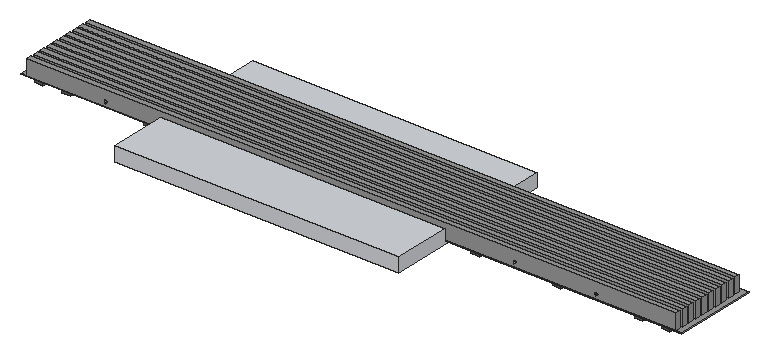
Revit family "1413-10, Solid", category Generic Models, host Face, Revit 2020
Family settings
  Host = Face
  Can host rebar = No
  Round Connector Dimension = Use Diameter
  Part Type = Normal
  Cut with Voids When Loaded = No
  Shared = No
  Room Calculation Point = No
Parameters
  min_value [instance] = 2' - 4"  # constant formula
  max_value [instance] = 11' - 11 1/4"  # constant formula
  actual_value [instance] = if(NET LENGTH < min_value, min_value, if(NET LENGTH > max_value, max_value, NET LENGTH))  # 7' - 11 1/4"
  SCRIM MATERIAL [instance] = SCRIM
  SCRIM APPEARANCE [instance] = yes
  NET LENGTH [instance] = 7' - 11 1/4"
  IMPORTANT NOTE!!!                                                                             *Backer & dowel layout is for visualization purposes only, final layout to be determined by 9Wood. [instance] = ""
  Default Elevation = 4' - 0"
  DOWEL RADIUS [instance] = 0' - 0 1/4"  # constant formula
  BACKER & DOWEL MATERIAL [instance] = BLACK-BACKERS
  .. MEMBER WIDTH [instance] = 0' - 0 3/4"  # constant formula
  .. MEMBER MATERIAL [instance] = Solid Western Hemlock
  .. MEMBER DEPTH [instance] = 0' - 2 1/4"  # constant formula
  .. MEMBER COUNT [instance] = 10  # constant formula
Reference planes (in)
  plane 1 "Center (Front/Back)": y = 0
  plane 2: z = 0
  plane 3 "Center (Left/Right)": x = 0
Forms (in)
  Extrusion 1, solid
    sketch origin (0, 0, 0) x (1, 0, 0) y (0, 1, 0)
      loop
        line (-24.24823, 14.63962) -> (-24.24823, -10.69266) -> (17.36192, -10.69266) -> (17.36192, 14.63962) -> (-24.24823, 14.63962)
    from 0 to 2.0625
Dimensions and locks (in)
  aligned and locked: plane 2 to Extrusion 1
Nested families (in)
  nested 1: "1400 series" at (-44.01308, -2.1224, 0.00189), NET LENGTH <- "actual_value", .. MEMBER DEPTH <- ".. MEMBER DEPTH", .. MEMBER WIDTH <- ".. MEMBER WIDTH", DOWEL RADIUS <- "DOWEL RADIUS", BACKER & DOWEL MATERIAL <- "BACKER & DOWEL MATERIAL", .. MEMBER MATERIAL <- ".. MEMBER MATERIAL", SCRIM MATERIAL <- "SCRIM MATERIAL", MEMBER COUNT <- ".. MEMBER COUNT", SCRIM APPEARANCE <- "SCRIM APPEARANCE", type "1400 series"
    with X 7' - 8", SCRIM MATERIAL SCRIM, SCRIM LENGTH 8' - 1", SCRIM APPEARANCE yes, SCRIM 2 0' - 0 7/8", SCRIM 1 0' - 0 3/32", OC TYP 1' - 0", NET LENGTH 7' - 11 1/4", N 8, MEMBER COUNT 10, INSET 2 0' - 0 3/16", INSET 0' - 1", HALF MEMBER WIDTH 0' - 0 3/8", END BACKER yes, DOWEL RADIUS 0' - 0 1/4", DOWEL INDEX 0' - 11 5/8", DOWEL COUNT 7, BACKING M COUNT 8, BACKER WIDTH 0' - 1 1/4", BACKER INDEX 0' - 5 5/8", BACKER DEPTH 0' - 0 1/2", BACKER & DOWEL MATERIAL BLACK-BACKERS, BACKER &  DOWEL LENGTH 0' - 11 7/8", .. MEMBER WIDTH 0' - 0 3/4", .. MEMBER OC TYP 0' - 1.2", .. MEMBER MATERIAL Solid Western Hemlock, .. MEMBER DEPTH 0' - 2 1/4"
Definition of nested family "1400 series"
  Parameters (values of type "1400 series")
    X [instance] = NET LENGTH - 0' 3 1/4"  # 7' - 2"
    SCRIM MATERIAL [instance] = none
    SCRIM APPEARANCE [instance] = yes
    SCRIM 2 [instance] = 0' - 0 7/8"  # constant formula
    SCRIM 1 [instance] = 0' - 0 3/32"  # constant formula
    OC TYP [instance] = 1' - 0"  # constant formula
    N [instance] = if((X - (rounddown(X / 1' 0") * 1' 0")) > 1' 0", rounddown(X / 1' 0") + 2, rounddown(X / 1' 0") + 1)  # 8
    MEMBER COUNT [instance] = 2
    INSET 5 = 0' - 0 11/16"  # constant formula
    INSET 2 [instance] = 0' - 0 3/16"  # constant formula
    INSET [instance] = 0' - 1"  # constant formula
    END BACKER [instance] = BACKER INDEX > 0' 3 5/8"  # no
    HALF MEMBER WIDTH [instance] = .. MEMBER WIDTH / 2  # 0' - 1 1/8"
    Default Elevation = 0' - 0"
    DOWEL RADIUS [instance] = 0' - 0 1/4"
    DOWEL INDEX [instance] = BACKER INDEX + 0' 6"  # 0' - 8 5/8"
    DOWEL COUNT [instance] = N - 1  # 7
    BACKER WIDTH [instance] = 0' - 1 1/4"  # constant formula
    BACKER INDEX [instance] = (NET LENGTH - ((N - 1) * 1' 0")) / 2  # 0' - 2 5/8"
    BACKER DEPTH [instance] = 0' - 0 1/2"  # constant formula
    BACKING M COUNT [instance] = N  # 8
    BACKER & DOWEL MATERIAL [instance] = none
    BACKER &  DOWEL LENGTH [instance] = 0' - 11 7/8"  # constant formula
    SCRIM LENGTH [instance] = NET LENGTH + (SCRIM 2 * 2)  # 7' - 7"
    .. MEMBER WIDTH [instance] = 0' - 2 1/4"
    .. MEMBER OC TYP [instance] = 1' 0" / MEMBER COUNT  # 0' - 6"
    .. MEMBER MATERIAL [instance] = none
    NET LENGTH [instance] = 7' - 5 1/4"
    .. MEMBER DEPTH [instance] = 0' - 4"
  Reference planes (in)
    plane 1 "Center (Front/Back)": y = 0
    plane 2: z = 0
    plane 3 "Center (Left/Right)": x = 0
    plane 4: x = 89.25
    plane 5: x = 1
    plane 6: x = 88.25
    plane 7: x = 2.625
    plane 8: x = 8.625
    plane 9: x = 14.625
    plane 10: x = 20.625
    plane 11: y = 0.1875
    plane 12: y = 1.125
    plane 13: y = 7.125
    plane 14: y = 12.0625
    plane 15: x = 90.125
    plane 16: x = -0.875
    plane 17: y = 12.15625
    plane 18: y = -0.09375
    plane 19: z = 2.7097
    plane 20: z = 0.49811
    plane 21: z = 0.56061
    plane 22: z = 1.24811
  Lines and regions (in)
    model lines, not visible
      curve 1: line (8.625, 0, 0.99811) -> (8.625, 0, 1.49811)
      curve 2: line (8.625, 0, 1.49811) -> (8.375, 0, 1.24811)
      curve 3: line (8.375, 0, 1.24811) -> (8.875, 0, 1.24811)
      curve 4: line (20.625, 0, 0.99811) -> (20.625, 0, 1.49811)
      curve 5: line (20.625, 0, 1.49811) -> (20.375, 0, 1.24811)
      curve 6: line (20.375, 0, 1.24811) -> (20.875, 0, 1.24811)
      curve 7: line (32.625, 0, 0.99811) -> (32.625, 0, 1.49811)
      curve 8: line (32.625, 0, 1.49811) -> (32.375, 0, 1.24811)
      curve 9: line (32.375, 0, 1.24811) -> (32.875, 0, 1.24811)
      curve 10: line (44.625, 0, 0.99811) -> (44.625, 0, 1.49811)
      curve 11: line (44.625, 0, 1.49811) -> (44.375, 0, 1.24811)
      curve 12: line (44.375, 0, 1.24811) -> (44.875, 0, 1.24811)
      curve 13: line (56.625, 0, 0.99811) -> (56.625, 0, 1.49811)
      curve 14: line (56.625, 0, 1.49811) -> (56.375, 0, 1.24811)
      curve 15: line (56.375, 0, 1.24811) -> (56.875, 0, 1.24811)
      curve 16: line (68.625, 0, 0.99811) -> (68.625, 0, 1.49811)
      curve 17: line (68.625, 0, 1.49811) -> (68.375, 0, 1.24811)
      curve 18: line (68.375, 0, 1.24811) -> (68.875, 0, 1.24811)
      curve 19: line (80.625, 0, 0.99811) -> (80.625, 0, 1.49811)
      curve 20: line (80.625, 0, 1.49811) -> (80.375, 0, 1.24811)
      curve 21: line (80.375, 0, 1.24811) -> (80.875, 0, 1.24811)
  Dimensions and locks (in)
    "INSET": plane 3 "Center (Left/Right)" to plane 5
    "NET LENGTH": plane 3 "Center (Left/Right)" to plane 4
    "INSET": plane 6 to plane 4
    "BACKER INDEX": plane 3 "Center (Left/Right)" to plane 7
    "DOWEL INDEX": plane 3 "Center (Left/Right)" to plane 8
    "OC TYP": plane 7 to plane 9
    "OC TYP": plane 8 to plane 10
    "INSET 2": plane 1 "Center (Front/Back)" to plane 11
    equal spacing: group 1, group 2, group 5, group 6, group 7, group 13, group 14, group 16  (x3)
    equal spacing: group 3, group 4, group 8, group 9, group 10, group 15, group 17  (x3)
    group 11 to group 12 = 0' - 0"  (x2)
    group 11 to group 12 = 0' - 6"
    ".. MEMBER OC TYP": plane 13 to plane 12
    "HALF MEMBER WIDTH": plane 1 "Center (Front/Back)" to plane 12
    "SCRIM 2": plane 16 to plane 3 "Center (Left/Right)"
    "SCRIM 2": plane 4 to plane 15
    "SCRIM 1": plane 18 to plane 1 "Center (Front/Back)"
    "SCRIM 1": plane 17 to plane 14
    "INSET 5": plane 22 to plane 21
    aligned and locked: level to plane 2
    aligned and locked: plane 7 to nested 2
    aligned and locked: plane 5 to nested 1
    aligned and locked: plane 9 to nested 3
    aligned and locked: nested 1 to plane 5
    aligned and locked: nested 2 to plane 11
    aligned and locked: nested 1 to plane 11
    aligned and locked: nested 3 to plane 11
    aligned and locked: nested 4 to plane 11  (x2)
    aligned and locked: plane 10 to nested 5
    aligned and locked: plane 6 to nested 12
    aligned and locked: nested 5 to plane 11
    aligned and locked: plane 11 to nested 12
    aligned and locked: plane 12 to nested 13
    aligned and locked: nested 14 to plane 13
    aligned and locked: plane 14 to nested 8
    aligned and locked: plane 16 to nested 15
    aligned and locked: nested 15 to plane 18
    aligned and locked: nested 15 to plane 17
    aligned and locked: nested 15 to plane 16  (x2)
    aligned and locked: nested 1 to level
    aligned and locked: level to nested 3
    aligned and locked: plane 20 to nested 2
    aligned and locked: plane 20 to nested 1
    aligned and locked: plane 20 to nested 3
    aligned and locked: nested 12 to plane 20
    aligned and locked: nested 15 to plane 20
    aligned and locked: plane 21 to nested 15
    aligned and locked: nested 13 to plane 21
    aligned and locked: plane 22 to nested 4
    aligned and locked: plane 22 to nested 5
    aligned and locked: nested 13 to plane 8
    aligned and locked: plane 10 to nested 13
    aligned and locked: curve 1 to nested 13
    aligned and locked: nested 13 to curve 4
  Automatic sketch dimensions
    curve 3 to curve 1 = 0' - 0 1/4"  (x2)
    curve 1 to curve 3 = 0' - 0 1/4"
    curve 1 to curve 2 = 0' - 0 1/4"
    curve 6 to curve 4 = 0' - 0 1/4"  (x2)
    curve 4 to curve 6 = 0' - 0 1/4"
    curve 4 to curve 5 = 0' - 0 1/4"
    curve 9 to curve 7 = 0' - 0 1/4"  (x2)
    curve 7 to curve 9 = 0' - 0 1/4"
    curve 7 to curve 8 = 0' - 0 1/4"
    curve 12 to curve 10 = 0' - 0 1/4"  (x2)
    curve 10 to curve 12 = 0' - 0 1/4"
    curve 10 to curve 11 = 0' - 0 1/4"
    curve 15 to curve 13 = 0' - 0 1/4"  (x2)
    curve 13 to curve 15 = 0' - 0 1/4"
    curve 13 to curve 14 = 0' - 0 1/4"
    curve 18 to curve 16 = 0' - 0 1/4"  (x2)
    curve 16 to curve 18 = 0' - 0 1/4"
    curve 16 to curve 17 = 0' - 0 1/4"
    curve 21 to curve 19 = 0' - 0 1/4"  (x2)
    curve 19 to curve 21 = 0' - 0 1/4"
    curve 19 to curve 20 = 0' - 0 1/4"
  Nested families (in)
    nested 1: "INSTANCE - 3RD -  EXTEND BOTH SIDES - Parametric Cube.0001" at (1, 0.1875, 0.49811), Length <- "BACKER &  DOWEL LENGTH", Width <- "BACKER WIDTH", Height <- "BACKER DEPTH", Material <- "BACKER & DOWEL MATERIAL", visible <- "END BACKER", type "INSTANCE - 3RD -  EXTEND BOTH SIDES - Parametric Cube.0001"
      with Width 0' - 1 1/4", Material none, Length 0' - 11 7/8", Height 0' - 0 1/2"
    nested 2: "INSTANCE - 2ND -  EXTEND SIDE H CENTER W - Parametric Cube.0001" at (2.625, 0.1875, 0.49811), Width <- "BACKER WIDTH", Length <- "BACKER &  DOWEL LENGTH", Height <- "BACKER DEPTH", Material <- "BACKER & DOWEL MATERIAL", type "INSTANCE - 2ND -  EXTEND SIDE H CENTER W - Parametric Cube.0001"
      with Width 0' - 1 1/4", Material none, Length 0' - 11 7/8", Height 0' - 0 1/2"
    nested 3: "INSTANCE - 2ND -  EXTEND SIDE H CENTER W - Parametric Cube.0001" at (14.625, 0.1875, 0.49811), Width <- "BACKER WIDTH", Length <- "BACKER &  DOWEL LENGTH", Height <- "BACKER DEPTH", Material <- "BACKER & DOWEL MATERIAL", type "INSTANCE - 2ND -  EXTEND SIDE H CENTER W - Parametric Cube.0001"
      with Width 0' - 1 1/4", Material none, Length 0' - 11 7/8", Height 0' - 0 1/2"
    nested 4: "DOWEL" at (-1.375, 0.1875, 1.24811), DOWEL LENGTH <- "BACKER &  DOWEL LENGTH", DOWEL RADII <- "DOWEL RADIUS", BACKING MEM MATERIAL <- "BACKER & DOWEL MATERIAL", type "DOWEL"
      with DOWEL RADII 0' - 0 1/4", DOWEL LENGTH 0' - 11 7/8", BACKING MEM MATERIAL none
    nested 5: "DOWEL" at (10.625, 0.1875, 1.24811), DOWEL LENGTH <- "BACKER &  DOWEL LENGTH", DOWEL RADII <- "DOWEL RADIUS", BACKING MEM MATERIAL <- "BACKER & DOWEL MATERIAL", type "DOWEL"
      with DOWEL RADII 0' - 0 1/4", DOWEL LENGTH 0' - 11 7/8", BACKING MEM MATERIAL none
    nested 6: "INSTANCE - 2ND -  EXTEND SIDE H CENTER W - Parametric Cube.0001" at (26.625, 0.1875, 0.49811), Width <- "BACKER WIDTH", Length <- "BACKER &  DOWEL LENGTH", Height <- "BACKER DEPTH", Material <- "BACKER & DOWEL MATERIAL", type "INSTANCE - 2ND -  EXTEND SIDE H CENTER W - Parametric Cube.0001"
      with Width 0' - 1 1/4", Material none, Length 0' - 11 7/8", Height 0' - 0 1/2"
    nested 7: "INSTANCE - 2ND -  EXTEND SIDE H CENTER W - Parametric Cube.0001" at (38.625, 0.1875, 0.49811), Width <- "BACKER WIDTH", Length <- "BACKER &  DOWEL LENGTH", Height <- "BACKER DEPTH", Material <- "BACKER & DOWEL MATERIAL", type "INSTANCE - 2ND -  EXTEND SIDE H CENTER W - Parametric Cube.0001"
      with Width 0' - 1 1/4", Material none, Length 0' - 11 7/8", Height 0' - 0 1/2"
    nested 8: "INSTANCE - 2ND -  EXTEND SIDE H CENTER W - Parametric Cube.0001" at (50.625, 0.1875, 0.49811), Width <- "BACKER WIDTH", Length <- "BACKER &  DOWEL LENGTH", Height <- "BACKER DEPTH", Material <- "BACKER & DOWEL MATERIAL", type "INSTANCE - 2ND -  EXTEND SIDE H CENTER W - Parametric Cube.0001"
      with Width 0' - 1 1/4", Material none, Length 0' - 11 7/8", Height 0' - 0 1/2"
    nested 9: "DOWEL" at (22.625, 0.1875, 1.24811), DOWEL LENGTH <- "BACKER &  DOWEL LENGTH", DOWEL RADII <- "DOWEL RADIUS", BACKING MEM MATERIAL <- "BACKER & DOWEL MATERIAL", type "DOWEL"
      with DOWEL RADII 0' - 0 1/4", DOWEL LENGTH 0' - 11 7/8", BACKING MEM MATERIAL none
    nested 10: "DOWEL" at (34.625, 0.1875, 1.24811), DOWEL LENGTH <- "BACKER &  DOWEL LENGTH", DOWEL RADII <- "DOWEL RADIUS", BACKING MEM MATERIAL <- "BACKER & DOWEL MATERIAL", type "DOWEL"
      with DOWEL RADII 0' - 0 1/4", DOWEL LENGTH 0' - 11 7/8", BACKING MEM MATERIAL none
    nested 11: "DOWEL" at (46.625, 0.1875, 1.24811), DOWEL LENGTH <- "BACKER &  DOWEL LENGTH", DOWEL RADII <- "DOWEL RADIUS", BACKING MEM MATERIAL <- "BACKER & DOWEL MATERIAL", type "DOWEL"
      with DOWEL RADII 0' - 0 1/4", DOWEL LENGTH 0' - 11 7/8", BACKING MEM MATERIAL none
    nested 12: "INSTANCE - 3RD -  EXTEND BOTH SIDES - Parametric Cube.0001" at (88.25, 0.1875, 0.49811) x (-1, 0, 0) z (0, 0, 1), Width <- "BACKER WIDTH", Length <- "BACKER &  DOWEL LENGTH", Height <- "BACKER DEPTH", Material <- "BACKER & DOWEL MATERIAL", visible <- "END BACKER", type "INSTANCE - 3RD -  EXTEND BOTH SIDES - Parametric Cube.0001"
      with Width 0' - 1 1/4", Material none, Length 0' - 11 7/8", Height 0' - 0 1/2"
    nested 13: "HOLED MEMBER" at (0, -9.75, 8.12965), DOWEL INDEX <- "DOWEL INDEX", .. MEMBER LENGTH <- "NET LENGTH", .. MEMBER WIDTH <- ".. MEMBER WIDTH", DOWEL OC DIST <- "OC TYP", DOWEL RADII <- "DOWEL RADIUS", Material <- ".. MEMBER MATERIAL", DEPTH <- ".. MEMBER DEPTH", DOWEL COUNT <- "DOWEL COUNT", Space <- "INSET 5", type "HOLED MEMBER"
      with Space 0' - 0 11/16", Material none, Height 0' - 10.43096", HALF MEMBER WIDTH 0' - 1 1/8", DOWEL RADII 0' - 0 1/4", DOWEL OC DIST 1' - 0", DOWEL INDEX 0' - 8 5/8", DOWEL COUNT 7, DEPTH 0' - 4", .. MEMBER WIDTH 0' - 2 1/4", .. MEMBER LENGTH 7' - 5 1/4"
    nested 14: "HOLED MEMBER" at (0, -3.75, 8.12965), DOWEL INDEX <- "DOWEL INDEX", .. MEMBER LENGTH <- "NET LENGTH", .. MEMBER WIDTH <- ".. MEMBER WIDTH", DOWEL OC DIST <- "OC TYP", DOWEL RADII <- "DOWEL RADIUS", Material <- ".. MEMBER MATERIAL", DEPTH <- ".. MEMBER DEPTH", DOWEL COUNT <- "DOWEL COUNT", Space <- "INSET 5", type "HOLED MEMBER"
      with Space 0' - 0 11/16", Material none, Height 0' - 10.43096", HALF MEMBER WIDTH 0' - 1 1/8", DOWEL RADII 0' - 0 1/4", DOWEL OC DIST 1' - 0", DOWEL INDEX 0' - 8 5/8", DOWEL COUNT 7, DEPTH 0' - 4", .. MEMBER WIDTH 0' - 2 1/4", .. MEMBER LENGTH 7' - 5 1/4"
    nested 15: "INSTANCE - 3RD -  EXTEND BOTH SIDES - Parametric Cube.0001" at (-0.875, -0.09375, 0.56061), Width <- "SCRIM LENGTH", Material <- "SCRIM MATERIAL", visible <- "SCRIM APPEARANCE", type "INSTANCE - 3RD -  EXTEND BOTH SIDES - Parametric Cube.0001"
      with Width 7' - 7", Material none, Length 1' - 0 1/4", Height 0' - 0 1/16"
    nested 16: "INSTANCE - 2ND -  EXTEND SIDE H CENTER W - Parametric Cube.0001" at (62.625, 0.1875, 0.49811), Width <- "BACKER WIDTH", Length <- "BACKER &  DOWEL LENGTH", Height <- "BACKER DEPTH", Material <- "BACKER & DOWEL MATERIAL", type "INSTANCE - 2ND -  EXTEND SIDE H CENTER W - Parametric Cube.0001"
      with Width 0' - 1 1/4", Material none, Length 0' - 11 7/8", Height 0' - 0 1/2"
    nested 17: "INSTANCE - 2ND -  EXTEND SIDE H CENTER W - Parametric Cube.0001" at (74.625, 0.1875, 0.49811), Width <- "BACKER WIDTH", Length <- "BACKER &  DOWEL LENGTH", Height <- "BACKER DEPTH", Material <- "BACKER & DOWEL MATERIAL", type "INSTANCE - 2ND -  EXTEND SIDE H CENTER W - Parametric Cube.0001"
      with Width 0' - 1 1/4", Material none, Length 0' - 11 7/8", Height 0' - 0 1/2"
    nested 18: "DOWEL" at (58.625, 0.1875, 1.24811), DOWEL LENGTH <- "BACKER &  DOWEL LENGTH", DOWEL RADII <- "DOWEL RADIUS", BACKING MEM MATERIAL <- "BACKER & DOWEL MATERIAL", type "DOWEL"
      with DOWEL RADII 0' - 0 1/4", DOWEL LENGTH 0' - 11 7/8", BACKING MEM MATERIAL none
    nested 19: "INSTANCE - 2ND -  EXTEND SIDE H CENTER W - Parametric Cube.0001" at (86.625, 0.1875, 0.49811), Width <- "BACKER WIDTH", Length <- "BACKER &  DOWEL LENGTH", Height <- "BACKER DEPTH", Material <- "BACKER & DOWEL MATERIAL", type "INSTANCE - 2ND -  EXTEND SIDE H CENTER W - Parametric Cube.0001"
      with Width 0' - 1 1/4", Material none, Length 0' - 11 7/8", Height 0' - 0 1/2"
    nested 20: "DOWEL" at (70.625, 0.1875, 1.24811), DOWEL LENGTH <- "BACKER &  DOWEL LENGTH", DOWEL RADII <- "DOWEL RADIUS", BACKING MEM MATERIAL <- "BACKER & DOWEL MATERIAL", type "DOWEL"
      with DOWEL RADII 0' - 0 1/4", DOWEL LENGTH 0' - 11 7/8", BACKING MEM MATERIAL none
  Definition of nested family "INSTANCE - 3RD -  EXTEND BOTH SIDES - Parametric Cube.0001"
    Parameters (values of type "INSTANCE - 3RD -  EXTEND BOTH SIDES - Parametric Cube.0001")
      Width [instance] = 0' - 6"
      Material [instance] = none
      Length [instance] = 1' - 0"
      Height [instance] = 1' - 6"
      Default Elevation = 0' - 0"
    Reference planes (in)
      plane 1 "Center (Front/Back)": y = 0
      plane 2: z = 0
      plane 3 "Center (Left/Right)": x = 0
      plane 4: x = 6
      plane 5: y = 12
      plane 6: z = -18
    Forms (in)
      Extrusion 1, solid, material <- "Material"
        sketch origin (0, 6, 0) x (1, 0, 0) y (0, 1, 0)
          loop
            line (0, 6) -> (0, -6) -> (6, -6) -> (6, 6) -> (0, 6)
        from -18 to 0
    Dimensions and locks (in)
      "Height": plane 6 to level
      "Length": plane 1 "Center (Front/Back)" to plane 5
      "Width": plane 3 "Center (Left/Right)" to plane 4
      aligned and locked: plane 2 to level
      aligned and locked: Extrusion 1 sketch curve to plane 4
      aligned and locked: Extrusion 1 to plane 6
      aligned and locked: plane 5 to Extrusion 1
      aligned and locked: Extrusion 1 to plane 3 "Center (Left/Right)"
    Automatic sketch dimensions
      plane 1 "Center (Front/Back)" to Extrusion 1 sketch curve = 0' - 0"
      plane 5 to Extrusion 1 sketch curve = 0' - 0"
      Extrusion 1 sketch curve to plane 3 "Center (Left/Right)" = 0' - 0"
  Definition of nested family "INSTANCE - 2ND -  EXTEND SIDE H CENTER W - Parametric Cube.0001"
    Parameters (values of type "INSTANCE - 2ND -  EXTEND SIDE H CENTER W - Parametric Cube.0001")
      Width [instance] = 0' - 6"
      Material [instance] = none
      Length [instance] = 1' - 0"
      Height [instance] = 1' - 6"
      Default Elevation = 0' - 0"
    Reference planes (in)
      plane 1 "Center (Front/Back)": y = 0
      plane 2: z = 0
      plane 3 "Center (Left/Right)": x = 0
      plane 4: x = -3
      plane 5: x = 3
      plane 6: y = 12
      plane 7: z = -18
    Forms (in)
      Extrusion 1, solid, material <- "Material"
        sketch origin (0, 6, 0) x (1, 0, 0) y (0, 1, 0)
          loop
            line (-3, 6) -> (-3, -6) -> (3, -6) -> (3, 6) -> (-3, 6)
        from -18 to 0
    Dimensions and locks (in)
      equal spacing: plane 4, plane 3 "Center (Left/Right)", plane 5
      "Width": plane 4 to plane 5
      "Height": plane 7 to level
      "Length": plane 1 "Center (Front/Back)" to plane 6
      aligned and locked: plane 2 to level
      aligned and locked: plane 4 to Extrusion 1 sketch curve
      aligned and locked: Extrusion 1 sketch curve to plane 5
      aligned and locked: Extrusion 1 to plane 7
      aligned and locked: plane 6 to Extrusion 1
    Automatic sketch dimensions
      plane 1 "Center (Front/Back)" to Extrusion 1 sketch curve = 0' - 0"
      plane 6 to Extrusion 1 sketch curve = 0' - 0"
  Definition of nested family "DOWEL"
    Parameters (values of type "DOWEL")
      Default Elevation = 0' - 0"
      DOWEL RADII [instance] = 0' - 0 5/8"
      DOWEL LENGTH [instance] = 1' - 0"
      BACKING MEM MATERIAL [instance] = none
    Reference planes (in)
      plane 1 "Center (Front/Back)": y = 0
      plane 2: z = 0
      plane 3 "Center (Left/Right)": x = 0
      plane 4: y = 12
    Forms (in)
      Extrusion 1, solid, material <- "BACKING MEM MATERIAL"
        sketch origin (10, 0, 0) x (1, 0, 0) y (0, 0, 1)
          loop
            circle (0, 0) r 0.625
        from 0 to -12
      Extrusion 2, solid, not visible
        sketch origin (0, 0, 0) x (1, 0, 0) y (0, 0, 1)
          loop
            circle (0, 0) r 0.625
        from 0 to 12
      Extrusion 3, solid, not visible
        sketch origin (10, 0, 0) x (1, 0, 0) y (0, 0, 1)
          loop
            circle (0, 0) r 0.625
        from 0 to 2.5
      Extrusion 4, solid, not visible
        sketch origin (10, 0, 0) x (1, 0, 0) y (0, 0, 1)
          loop
            circle (0, 0) r 0.625
        from 0 to -12
    Lines and regions (in)
      model lines, not visible
        curve 1: line (-13, 0, 0) -> (-13, -12, 0)
        curve 2: line (13, 0, 0) -> (13, -12, 0)
        curve 3: line (9.89453, 0, 0) -> (10.08794, 0, 0)
        curve 4: line (9.89453, -2.5, 0) -> (10.08794, -2.5, 0)
        curve 6: line (10, 0, 0) -> (10, 2, 0)
      model lines
        curve 5: line (10, 0, 0) -> (10, 2, 0)
    Dimensions and locks (in)
      "DOWEL LENGTH": plane 1 "Center (Front/Back)" to plane 4
      "DOWEL RADII": radius of Extrusion 1 sketch curve
      "DOWEL RADII": radius of Extrusion 2 sketch curve
      "DOWEL RADII": radius of Extrusion 3 sketch curve
      "DOWEL RADII": radius of Extrusion 4 sketch curve
      "DOWEL RADII": radius of Extrusion 1
      aligned and locked: plane 2 to level
      aligned and locked: Extrusion 1 to plane 1 "Center (Front/Back)"  (x3)
      aligned and locked: plane 1 "Center (Front/Back)" to Extrusion 1
      aligned and locked: plane 4 to Extrusion 1
    Automatic sketch dimensions
      plane 1 "Center (Front/Back)" to curve 5 = 0' - 0"
      curve 5 to plane 1 "Center (Front/Back)" = 0' - 2"
      plane 3 "Center (Left/Right)" to curve 5 = 0' - 10"
      Extrusion 1 sketch curve to level = 0' - 0"
      plane 3 "Center (Left/Right)" to Extrusion 1 sketch curve = 0' - 10"
  Definition of nested family "HOLED MEMBER"
    Parameters (values of type "HOLED MEMBER")
      Space [instance] = 0' - 0 5/8"
      Material [instance] = none
      Height [instance] = 0' - 10.43096"
      HALF MEMBER WIDTH [instance] = .. MEMBER WIDTH / 2  # 0' - 0 5/16"
      Default Elevation = 0' - 0"
      DOWEL RADII [instance] = 0' - 0.34537"
      DOWEL OC DIST [instance] = 1' - 0"
      DOWEL INSET = 0' - 0 5/8"
      DOWEL INDEX [instance] = 0' - 5 5/8"
      DOWEL COUNT [instance] = 6
      DEPTH [instance] = 0' - 2"
      .. MEMBER WIDTH [instance] = 0' - 0 5/8"
      .. MEMBER LENGTH [instance] = 5' - 11 3/4"
    Reference planes (in)
      plane 1 "Center (Front/Back)": y = 12
      plane 2: z = -7.56904
      plane 3 "Center (Left/Right)": x = 0
      plane 4: x = 5.625
      plane 5: x = 17.625
      plane 6: y = 11.375
      plane 7: x = 71.75
      plane 8: y = 11.6875
      plane 9: z = -6.94404
      plane 10: z = -5.56904
    Forms (in)
      Extrusion 1, solid, material <- "Material"
        sketch origin (0, 12, -13.56904) x (1, 0, 0) y (0, 0, 1)
          loop
            line (0, 6) -> (71.75, 6) -> (71.75, 8) -> (0, 8) -> (0, 6)
        from 0.625 to 0
      Extrusion 2, void
        sketch origin (0, 12, -18.31904) x (1, 0, 0) y (0, 0, 1)
          loop
            circle (5.625, 11.375) r 0.34537
        from 0 to 12
      Extrusion 3, void, not visible
        sketch origin (0, 0, 0) x (1, 0, 0) y (0, 1, 0)
          loop
            circle (5.625, 11.375) r 0.34537
        from 0 to 12
      Extrusion 4, void, not visible
        sketch origin (0, 0, 0) x (1, 0, 0) y (0, 1, 0)
          loop
            circle (5.625, 11.375) r 0.34537
        from 0 to 12
      Extrusion 5, void, not visible
        sketch origin (12, 0, 0) x (1, 0, 0) y (0, 1, 0)
          loop
            circle (5.625, 11.375) r 0.34537
        from 0 to 12
      Extrusion 6, void, not visible
        sketch origin (0, 12, -17.56904) x (1, 0, 0) y (0, 0, 1)
          loop
            circle (5.625, 11.375) r 0.34537
        from 0 to 12
      Extrusion 7, void, not visible
        sketch origin (12, 12, -17.56904) x (1, 0, 0) y (0, 0, 1)
          loop
            circle (5.625, 11.375) r 0.34537
        from 0 to 12
      Extrusion 8, void, not visible
        sketch origin (0, 12, -19.56904) x (1, 0, 0) y (0, 0, 1)
          loop
            circle (5.625, 11.375) r 0.34537
        from 0 to 12
      Extrusion 9, void
        sketch origin (12, 12, -18.31904) x (1, 0, 0) y (0, 0, 1)
          loop
            circle (5.625, 11.375) r 0.34537
        from 0 to 12
      Extrusion 10, void
        sketch origin (24, 12, -18.31904) x (1, 0, 0) y (0, 0, 1)
          loop
            circle (5.625, 11.375) r 0.34537
        from 0 to 12
      Extrusion 11, void
        sketch origin (36, 12, -18.31904) x (1, 0, 0) y (0, 0, 1)
          loop
            circle (5.625, 11.375) r 0.34537
        from 0 to 12
      Extrusion 12, void
        sketch origin (48, 12, -18.31904) x (1, 0, 0) y (0, 0, 1)
          loop
            circle (5.625, 11.375) r 0.34537
        from 0 to 12
      Extrusion 13, void
        sketch origin (60, 12, -18.31904) x (1, 0, 0) y (0, 0, 1)
          loop
            circle (5.625, 11.375) r 0.34537
        from 0 to 12
      Extrusion 14, void, not visible
        sketch origin (24, 12, -17.56904) x (1, 0, 0) y (0, 0, 1)
          loop
            circle (5.625, 11.375) r 0.34537
        from 0 to 12
      Extrusion 15, void, not visible
        sketch origin (36, 12, -17.56904) x (1, 0, 0) y (0, 0, 1)
          loop
            circle (5.625, 11.375) r 0.34537
        from 0 to 12
      Extrusion 16, void, not visible
        sketch origin (48, 12, -17.56904) x (1, 0, 0) y (0, 0, 1)
          loop
            circle (5.625, 11.375) r 0.34537
        from 0 to 12
      Extrusion 17, void, not visible
        sketch origin (60, 12, -17.56904) x (1, 0, 0) y (0, 0, 1)
          loop
            circle (5.625, 11.375) r 0.34537
        from 0 to 12
      Extrusion 18, void, not visible
        sketch origin (24, 0, 0) x (1, 0, 0) y (0, 1, 0)
          loop
            circle (5.625, 11.375) r 0.34537
        from 0 to 12
      Extrusion 19, void, not visible
        sketch origin (36, 0, 0) x (1, 0, 0) y (0, 1, 0)
          loop
            circle (5.625, 11.375) r 0.34537
        from 0 to 12
      Extrusion 20, void, not visible
        sketch origin (48, 0, 0) x (1, 0, 0) y (0, 1, 0)
          loop
            circle (5.625, 11.375) r 0.34537
        from 0 to 12
      Extrusion 21, void, not visible
        sketch origin (60, 0, 0) x (1, 0, 0) y (0, 1, 0)
          loop
            circle (5.625, 11.375) r 0.34537
        from 0 to 12
    Cuts and joins
      Extrusion 2, Extrusion 9, Extrusion 10, Extrusion 11, Extrusion 12, Extrusion 13 cuts Extrusion 1
    Lines and regions (in)
      model lines, not visible
        curve 1: line (5.625, 11.72037, 0) -> (5.625, 11.02963, 0)
        curve 2: line (5.625, 11.72037, 0) -> (5.625, 11.02963, 0)
        curve 3: line (17.625, 11.72037, 0) -> (17.625, 11.02963, 0)
        curve 4: line (5.625, 12, -7.56904) -> (5.625, 11.87317, -7.56904)
        curve 5: line (5.625, 11.87317, -7.56904) -> (5.06195, 11.87317, -7.56904)
        curve 6: line (5.06195, 11.87317, -7.56904) -> (5.27963, 11.375, -7.56904)
        curve 7: line (0, 12, -6.19404) -> (0, 11.61951, -6.19404)
        curve 9: line (0, 11.375, -8.19404) -> (0, 11.6747, -8.19404)
        curve 10: line (5.625, 12, -7.56904) -> (5.625, 11.69863, -7.56904)
        curve 11: line (5.625, 12, -7.56904) -> (5.625, 11.69863, -7.56904)
        curve 12: line (5.625, 10.75, 0) -> (5.625, 10.75, 0.30137)
        curve 13: line (5.625, 10.75, 0) -> (5.625, 10.75, 0.30137)
        curve 14: line (17.625, 10.75, 0) -> (17.625, 10.75, 0.30137)
        curve 15: line (5.625, 12, -6.81904) -> (5.625, 11.69863, -6.81904)
        curve 16: line (17.625, 12, -6.81904) -> (17.625, 11.69863, -6.81904)
        curve 17: line (5.625, 12, -8.81904) -> (5.625, 11.69863, -8.81904)
        curve 18: line (17.625, 12, -7.56904) -> (17.625, 11.69863, -7.56904)
        curve 19: line (29.625, 12, -7.56904) -> (29.625, 11.69863, -7.56904)
        curve 20: line (41.625, 12, -7.56904) -> (41.625, 11.69863, -7.56904)
        curve 21: line (53.625, 12, -7.56904) -> (53.625, 11.69863, -7.56904)
        curve 22: line (65.625, 12, -7.56904) -> (65.625, 11.69863, -7.56904)
        curve 23: line (29.625, 12, -6.81904) -> (29.625, 11.69863, -6.81904)
        curve 24: line (41.625, 12, -6.81904) -> (41.625, 11.69863, -6.81904)
        curve 25: line (53.625, 12, -6.81904) -> (53.625, 11.69863, -6.81904)
        curve 26: line (65.625, 12, -6.81904) -> (65.625, 11.69863, -6.81904)
        curve 27: line (29.625, 11.72037, 0) -> (29.625, 11.02963, 0)
        curve 28: line (29.625, 10.75, 0) -> (29.625, 10.75, 0.30137)
        curve 29: line (41.625, 11.72037, 0) -> (41.625, 11.02963, 0)
        curve 30: line (41.625, 10.75, 0) -> (41.625, 10.75, 0.30137)
        curve 31: line (53.625, 11.72037, 0) -> (53.625, 11.02963, 0)
        curve 32: line (53.625, 10.75, 0) -> (53.625, 10.75, 0.30137)
        curve 33: line (65.625, 11.72037, 0) -> (65.625, 11.02963, 0)
        curve 34: line (65.625, 10.75, 0) -> (65.625, 10.75, 0.30137)
        curve 35: line (5.27963, 12, -6.94404) -> (5.97037, 12, -6.94404)
        curve 36: line (5.97037, 12, -6.94404) -> (5.625, 12, -6.59867)
        curve 37: line (5.625, 12, -6.59867) -> (5.625, 12, -7.28941)
        curve 38: line (5.27963, 11.375, 0) -> (5.97037, 11.375, 0)
        curve 39: line (5.97037, 11.375, 0) -> (5.625, 11.72037, 0)
        curve 40: line (5.625, 11.72037, 0) -> (5.625, 11.02963, 0)
        curve 41: line (5.27963, 11.375, 0) -> (5.97037, 11.375, 0)
        curve 42: line (5.97037, 11.375, 0) -> (5.625, 11.72037, 0)
        curve 43: line (5.625, 11.72037, 0) -> (5.625, 11.02963, 0)
        curve 44: line (17.27963, 11.375, 0) -> (17.97037, 11.375, 0)
        curve 45: line (17.97037, 11.375, 0) -> (17.625, 11.72037, 0)
        curve 46: line (17.625, 11.72037, 0) -> (17.625, 11.02963, 0)
        curve 47: line (5.27963, 12, -6.19404) -> (5.97037, 12, -6.19404)
        curve 48: line (5.97037, 12, -6.19404) -> (5.625, 12, -5.84867)
        curve 49: line (5.625, 12, -5.84867) -> (5.625, 12, -6.53941)
        curve 50: line (17.27963, 12, -6.19404) -> (17.97037, 12, -6.19404)
        curve 51: line (17.97037, 12, -6.19404) -> (17.625, 12, -5.84867)
        curve 52: line (17.625, 12, -5.84867) -> (17.625, 12, -6.53941)
        curve 53: line (5.27963, 12, -8.19404) -> (5.97037, 12, -8.19404)
        curve 54: line (5.97037, 12, -8.19404) -> (5.625, 12, -7.84867)
        curve 55: line (5.625, 12, -7.84867) -> (5.625, 12, -8.53941)
        curve 56: line (17.27963, 12, -6.94404) -> (17.97037, 12, -6.94404)
        curve 57: line (17.97037, 12, -6.94404) -> (17.625, 12, -6.59867)
        curve 58: line (17.625, 12, -6.59867) -> (17.625, 12, -7.28941)
        curve 59: line (29.27963, 12, -6.94404) -> (29.97037, 12, -6.94404)
        curve 60: line (29.97037, 12, -6.94404) -> (29.625, 12, -6.59867)
        curve 61: line (29.625, 12, -6.59867) -> (29.625, 12, -7.28941)
        curve 62: line (41.27963, 12, -6.94404) -> (41.97037, 12, -6.94404)
        curve 63: line (41.97037, 12, -6.94404) -> (41.625, 12, -6.59867)
        curve 64: line (41.625, 12, -6.59867) -> (41.625, 12, -7.28941)
        curve 65: line (53.27963, 12, -6.94404) -> (53.97037, 12, -6.94404)
        curve 66: line (53.97037, 12, -6.94404) -> (53.625, 12, -6.59867)
        curve 67: line (53.625, 12, -6.59867) -> (53.625, 12, -7.28941)
        curve 68: line (65.27963, 12, -6.94404) -> (65.97037, 12, -6.94404)
        curve 69: line (65.97037, 12, -6.94404) -> (65.625, 12, -6.59867)
        curve 70: line (65.625, 12, -6.59867) -> (65.625, 12, -7.28941)
        curve 71: line (29.27963, 12, -6.19404) -> (29.97037, 12, -6.19404)
        curve 72: line (29.97037, 12, -6.19404) -> (29.625, 12, -5.84867)
        curve 73: line (29.625, 12, -5.84867) -> (29.625, 12, -6.53941)
        curve 74: line (41.27963, 12, -6.19404) -> (41.97037, 12, -6.19404)
        curve 75: line (41.97037, 12, -6.19404) -> (41.625, 12, -5.84867)
        curve 76: line (41.625, 12, -5.84867) -> (41.625, 12, -6.53941)
        curve 77: line (53.27963, 12, -6.19404) -> (53.97037, 12, -6.19404)
        curve 78: line (53.97037, 12, -6.19404) -> (53.625, 12, -5.84867)
        curve 79: line (53.625, 12, -5.84867) -> (53.625, 12, -6.53941)
        curve 80: line (65.27963, 12, -6.19404) -> (65.97037, 12, -6.19404)
        curve 81: line (65.97037, 12, -6.19404) -> (65.625, 12, -5.84867)
        curve 82: line (65.625, 12, -5.84867) -> (65.625, 12, -6.53941)
        curve 83: line (29.27963, 11.375, 0) -> (29.97037, 11.375, 0)
        curve 84: line (29.97037, 11.375, 0) -> (29.625, 11.72037, 0)
        curve 85: line (29.625, 11.72037, 0) -> (29.625, 11.02963, 0)
        curve 86: line (41.27963, 11.375, 0) -> (41.97037, 11.375, 0)
        curve 87: line (41.97037, 11.375, 0) -> (41.625, 11.72037, 0)
        curve 88: line (41.625, 11.72037, 0) -> (41.625, 11.02963, 0)
        curve 89: line (53.27963, 11.375, 0) -> (53.97037, 11.375, 0)
        curve 90: line (53.97037, 11.375, 0) -> (53.625, 11.72037, 0)
        curve 91: line (53.625, 11.72037, 0) -> (53.625, 11.02963, 0)
        curve 92: line (65.27963, 11.375, 0) -> (65.97037, 11.375, 0)
        curve 93: line (65.97037, 11.375, 0) -> (65.625, 11.72037, 0)
        curve 94: line (65.625, 11.72037, 0) -> (65.625, 11.02963, 0)
      model lines
        curve 8: line (5.625, 12, -7.56904) -> (5.625, 11.69863, -7.56904)
    Dimensions and locks (in)
      "DOWEL INDEX": plane 3 "Center (Left/Right)" to plane 4
      "DOWEL OC DIST": plane 4 to plane 5
      ".. MEMBER LENGTH": plane 3 "Center (Left/Right)" to plane 7
      equal spacing: group 3, group 4, group 21, group 22, group 23, group 24  (x3)
      equal spacing: group 7, group 8, group 17, group 18, group 19, group 20  (x3)
      ".. MEMBER WIDTH": plane 6 to plane 1 "Center (Front/Back)"
      "HALF MEMBER WIDTH": plane 8 to plane 1 "Center (Front/Back)"
      equal spacing: group 1, group 12, group 13, group 14, group 15, group 16  (x2)
      equal spacing: group 16, group 15, group 14, group 13, group 12, group 1
      "DEPTH": plane 10 to level
      "Space": plane 9 to level
      "DOWEL RADII": radius of Extrusion 2 sketch curve
      "DOWEL RADII": radius of Extrusion 3 sketch curve
      "DOWEL RADII": radius of Extrusion 4 sketch curve
      "DOWEL RADII": radius of Extrusion 5 sketch curve
      "DOWEL RADII": radius of Extrusion 6 sketch curve
      "DOWEL RADII": radius of Extrusion 7 sketch curve
      "DOWEL RADII": radius of Extrusion 8 sketch curve
      "DOWEL RADII": radius of Extrusion 9 sketch curve
      "DOWEL RADII": radius of Extrusion 10 sketch curve
      "DOWEL RADII": radius of Extrusion 11 sketch curve
      "DOWEL RADII": radius of Extrusion 12 sketch curve
      "DOWEL RADII": radius of Extrusion 13 sketch curve
      "DOWEL RADII": radius of Extrusion 14 sketch curve
      "DOWEL RADII": radius of Extrusion 15 sketch curve
      "DOWEL RADII": radius of Extrusion 16 sketch curve
      "DOWEL RADII": radius of Extrusion 17 sketch curve
      "DOWEL RADII": radius of Extrusion 18 sketch curve
      "DOWEL RADII": radius of Extrusion 19 sketch curve
      "DOWEL RADII": radius of Extrusion 20 sketch curve
      "DOWEL RADII": radius of Extrusion 21 sketch curve
      aligned and locked: level to plane 2
      aligned and locked: Extrusion 1 to plane 3 "Center (Left/Right)"  (x2)
      aligned and locked: plane 7 to cut or joined group of Extrusion 1, Extrusion 2, Extrusion 9, Extrusion 10, Extrusion 11, Extrusion 12, Extrusion 13  (x2)
      aligned and locked: cut or joined group of Extrusion 1, Extrusion 2, Extrusion 9, Extrusion 10, Extrusion 11, Extrusion 12, Extrusion 13 to plane 1 "Center (Front/Back)"  (x2)
      aligned and locked: cut or joined group of Extrusion 1, Extrusion 2, Extrusion 9, Extrusion 10, Extrusion 11, Extrusion 12, Extrusion 13 to plane 6  (x2)
      aligned and locked: plane 4 to curve 11
      aligned and locked: curve 18 to plane 5
      aligned and locked: plane 4 to group 1
      aligned and locked: group 12 to plane 5
      aligned and locked: curve 35 to plane 9
      aligned and locked: plane 4 to curve 37
      aligned and locked: curve 56 to plane 9
      aligned and locked: curve 58 to plane 5
      aligned and locked: plane 10 to cut or joined group of Extrusion 1, Extrusion 2, Extrusion 9, Extrusion 10, Extrusion 11, Extrusion 12, Extrusion 13  (x2)
      aligned and locked: cut or joined group of Extrusion 1, Extrusion 2, Extrusion 9, Extrusion 10, Extrusion 11, Extrusion 12, Extrusion 13 to level
      aligned and locked: level to cut or joined group of Extrusion 1, Extrusion 2, Extrusion 9, Extrusion 10, Extrusion 11, Extrusion 12, Extrusion 13
    Automatic sketch dimensions
      curve 1 to curve 1 = 0' - 0.69074"
      curve 2 to curve 2 = 0' - 0.69074"
      curve 3 to curve 3 = 0' - 0.69074"
      Extrusion 1 sketch curve to plane 3 "Center (Left/Right)" = 0' - 0"
      Extrusion 1 sketch curve to plane 7 = 0' - 0"
      Extrusion 1 sketch curve to Extrusion 1 sketch curve = 0' - 2"
      Extrusion 1 sketch curve to level = 0' - 0"
      curve 8 to curve 8 = 0' - 0.30137"
      curve 10 to curve 10 = 0' - 0.30137"
      curve 8 to plane 4 = 0' - 0"
      plane 1 "Center (Front/Back)" to curve 8 = 0' - 0"
      plane 1 "Center (Front/Back)" to curve 8 = 0' - 0.30137"
      curve 11 to curve 11 = 0' - 0.30137"
      curve 12 to curve 12 = 0' - 0.30137"
      curve 13 to curve 13 = 0' - 0.30137"
      curve 14 to curve 14 = 0' - 0.30137"
      curve 15 to curve 15 = 0' - 0.30137"
      curve 16 to curve 16 = 0' - 0.30137"
      curve 17 to curve 17 = 0' - 0.30137"
      curve 18 to curve 18 = 0' - 0.30137"
      curve 19 to curve 19 = 0' - 0.30137"
      curve 20 to curve 20 = 0' - 0.30137"
      curve 21 to curve 21 = 0' - 0.30137"
      curve 22 to curve 22 = 0' - 0.30137"
      curve 23 to curve 23 = 0' - 0.30137"
      curve 24 to curve 24 = 0' - 0.30137"
      curve 25 to curve 25 = 0' - 0.30137"
      curve 26 to curve 26 = 0' - 0.30137"
      curve 27 to curve 27 = 0' - 0.69074"
      curve 28 to curve 28 = 0' - 0.30137"
      curve 29 to curve 29 = 0' - 0.69074"
      curve 30 to curve 30 = 0' - 0.30137"
      curve 31 to curve 31 = 0' - 0.69074"
      curve 32 to curve 32 = 0' - 0.30137"
      curve 33 to curve 33 = 0' - 0.69074"
      curve 34 to curve 34 = 0' - 0.30137"
      curve 37 to curve 35 = 0' - 0.34537"  (x2)
      curve 35 to curve 36 = 0' - 0.34537"
      curve 35 to curve 37 = 0' - 0.34537"
      curve 40 to curve 38 = 0' - 0.34537"  (x2)
      curve 38 to curve 39 = 0' - 0.34537"
      curve 38 to curve 40 = 0' - 0.34537"
      curve 43 to curve 41 = 0' - 0.34537"  (x2)
      curve 41 to curve 42 = 0' - 0.34537"
      curve 41 to curve 43 = 0' - 0.34537"
      curve 46 to curve 44 = 0' - 0.34537"  (x2)
      curve 44 to curve 45 = 0' - 0.34537"
      curve 44 to curve 46 = 0' - 0.34537"
      curve 49 to curve 47 = 0' - 0.34537"  (x2)
      curve 47 to curve 48 = 0' - 0.34537"
      curve 47 to curve 49 = 0' - 0.34537"
      curve 52 to curve 50 = 0' - 0.34537"  (x2)
      curve 50 to curve 51 = 0' - 0.34537"
      curve 50 to curve 52 = 0' - 0.34537"
      curve 55 to curve 53 = 0' - 0.34537"  (x2)
      curve 53 to curve 54 = 0' - 0.34537"
      curve 53 to curve 55 = 0' - 0.34537"
      curve 58 to curve 56 = 0' - 0.34537"  (x2)
      curve 56 to curve 57 = 0' - 0.34537"
      curve 56 to curve 58 = 0' - 0.34537"
      curve 61 to curve 59 = 0' - 0.34537"  (x2)
      curve 59 to curve 60 = 0' - 0.34537"
      curve 59 to curve 61 = 0' - 0.34537"
      curve 64 to curve 62 = 0' - 0.34537"  (x2)
      curve 62 to curve 63 = 0' - 0.34537"
      curve 62 to curve 64 = 0' - 0.34537"
      curve 67 to curve 65 = 0' - 0.34537"  (x2)
      curve 65 to curve 66 = 0' - 0.34537"
      curve 65 to curve 67 = 0' - 0.34537"
      curve 70 to curve 68 = 0' - 0.34537"  (x2)
      curve 68 to curve 69 = 0' - 0.34537"
      curve 68 to curve 70 = 0' - 0.34537"
      curve 73 to curve 71 = 0' - 0.34537"  (x2)
      curve 71 to curve 72 = 0' - 0.34537"
      curve 71 to curve 73 = 0' - 0.34537"
      curve 76 to curve 74 = 0' - 0.34537"  (x2)
      curve 74 to curve 75 = 0' - 0.34537"
      curve 74 to curve 76 = 0' - 0.34537"
      curve 79 to curve 77 = 0' - 0.34537"  (x2)
      curve 77 to curve 78 = 0' - 0.34537"
      curve 77 to curve 79 = 0' - 0.34537"
      curve 82 to curve 80 = 0' - 0.34537"  (x2)
      curve 80 to curve 81 = 0' - 0.34537"
      curve 80 to curve 82 = 0' - 0.34537"
      curve 85 to curve 83 = 0' - 0.34537"  (x2)
      curve 83 to curve 84 = 0' - 0.34537"
      curve 83 to curve 85 = 0' - 0.34537"
      curve 88 to curve 86 = 0' - 0.34537"  (x2)
      curve 86 to curve 87 = 0' - 0.34537"
      curve 86 to curve 88 = 0' - 0.34537"
      curve 91 to curve 89 = 0' - 0.34537"  (x2)
      curve 89 to curve 90 = 0' - 0.34537"
      curve 89 to curve 91 = 0' - 0.34537"
      curve 94 to curve 92 = 0' - 0.34537"  (x2)
      curve 92 to curve 93 = 0' - 0.34537"
      curve 92 to curve 94 = 0' - 0.34537"
